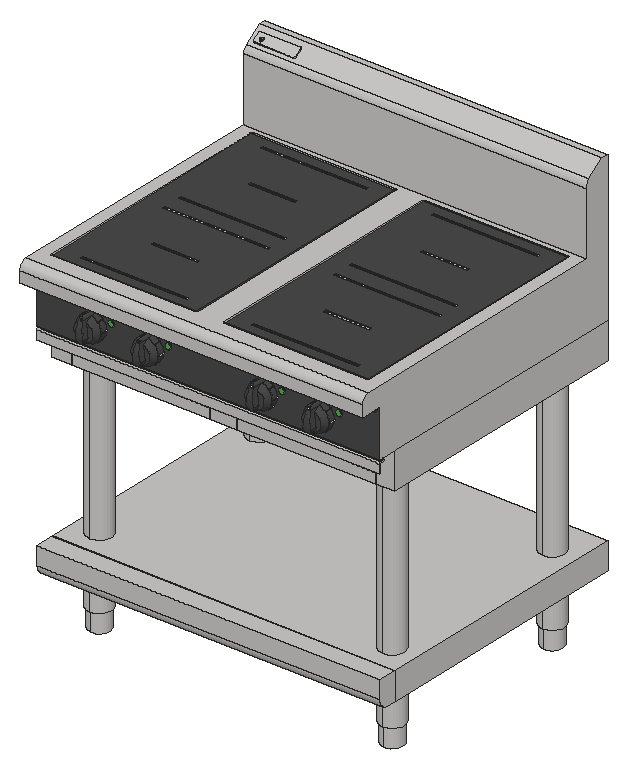
Revit family "QF_Moffat_INB8400R5-LS_Induction_Cooktop_cat", category Specialty Equipment, Revit 2019
Family settings
  Round Connector Dimension = Use Diameter
  Part Type = Normal
  Work Plane-Based = No
  Always vertical = Yes
  Cut with Voids When Loaded = No
  Shared = No
  Room Calculation Point = No
Parameters (values of type "INB8400R5-LS_415/60/3")
  Weight in Kilograms = 105
  Watts = 20000 W
  Volts = 415 V
  URL Cutsheet = ""
  Specification by User = ""
  Specification by Manufacturer = ""
  Show Logo [instance] = yes
  Serial Number = ""
  Seismic Rating = ""
  SMACNA No = ""
  Revision Code = ""
  Phase = 3
  Number of Poles = 1
  NAFEM Spec ID Number = ""
  Model = "INB8400R5-LS"
  Min Ckt Ampacity = 0 A
  Max Overcurrent Protection = 0 A
  Masterspec = ""
  Manufacturer = "Moffat"
  Length = 900 mm
  Item Number = ""
  Installed By = ""
  Identify Quantity as Lot = yes
  Height = 1130 mm
  HP = ""
  Furnished By = ""
  Foodservice Equipment Identifier = yes
  FL Amps = 28 A
  Electrical Remarks = ""
  Electric Connection Type = ""
  Elec Conn RI Height = 0 mm
  Elec Conn Connection Height = 0 mm
  Description = "Induction Cooktop"
  Depth = 805 mm
  Cycle = 60 Hz
  Conn Plug = ""
  Conn Conduit = yes
  CSI MasterFormat = ""
  Apparent Power = if(Phase = 3, Volts * FL Amps * 1.73, Volts * FL Amps)  # 20102.6 VA
Reference planes
  plane 1 "BACK": y = 0
  plane 2: z = 0
  plane 3 "LEFT": x = 0
  plane 4 "RIGHT": x = 900
  plane 5 "FRONT": y = -805
  plane 6 "TOP": z = 1130
  plane 7 "Center Y": x = 450
  plane 8 "Center X": y = -402.5
  plane 9: x = 65.5
  plane 10: x = 834.5
  plane 11: y = -30
  plane 12: z = 150
  plane 13: y = -100
  plane 14: y = -625
  plane 15: y = -70
  plane 16: z = 915
  plane 17: x = 770
Forms (mm)
  Extrusion 1, solid, material "QF_Metal_Stainless_Polished"
    sketch origin (0, 0, 560) x (0, 1, 0) y (0, 0, 1)
      loop
        line (0, 180) -> (0, 570) -> (-18.182, 570) -> (-60.863, 538.99)
        arc (-60.863, 538.99) -> (-67.584, 531.121) -> (-70, 521.058) r 22.165
        line (-70, 521.058) -> (-70, 355) -> (-784.417, 355)
        arc (-784.417, 355) -> (-798.971, 348.971) -> (-805, 334.417) r 20.583
        line (-805, 334.417) -> (-805, 305) -> (-749, 305) -> (-749, 180) -> (0, 180)
    from 0 to 900
  Extrusion 2, void
    sketch origin (0, -784.171, 915) x (0, 1, 0) y (-1, 0, 0)
      loop
        arc (699.341, -37.323) -> (697.584, -33.08) -> (693.341, -31.323) r 6
        line (693.341, -31.323) -> (45.245, -31.323)
        arc (45.245, -31.323) -> (41.002, -33.08) -> (39.245, -37.323) r 6
        line (39.245, -37.323) -> (39.245, -410.105)
        arc (39.245, -410.105) -> (41.002, -414.347) -> (45.245, -416.105) r 6
        line (45.245, -416.105) -> (693.341, -416.105)
        arc (693.341, -416.105) -> (697.584, -414.347) -> (699.341, -410.105) r 6
        line (699.341, -410.105) -> (699.341, -37.323)
      loop
        line (699.341, -862.677) -> (699.341, -489.895)
        arc (699.341, -489.895) -> (697.584, -485.653) -> (693.341, -483.895) r 6
        line (693.341, -483.895) -> (45.245, -483.895)
        arc (45.245, -483.895) -> (41.002, -485.653) -> (39.245, -489.895) r 6
        line (39.245, -489.895) -> (39.245, -862.677)
        arc (39.245, -862.677) -> (41.002, -866.92) -> (45.245, -868.677) r 6
        line (45.245, -868.677) -> (693.341, -868.677)
        arc (693.341, -868.677) -> (697.584, -866.92) -> (699.341, -862.677) r 6
    from 0 to -9.5
  Extrusion 3, solid, material "QF_Plastic_Black_Smooth"
    sketch origin (0, -784.171, 915) x (0, 1, 0) y (-1, 0, 0)
      loop
        line (695.341, -410.105) -> (695.341, -37.323)
        arc (695.341, -37.323) -> (694.755, -35.908) -> (693.341, -35.323) r 2
        line (693.341, -35.323) -> (45.245, -35.323)
        arc (45.245, -35.323) -> (43.831, -35.908) -> (43.245, -37.323) r 2
        line (43.245, -37.323) -> (43.245, -410.105)
        arc (43.245, -410.105) -> (43.831, -411.519) -> (45.245, -412.105) r 2
        line (45.245, -412.105) -> (693.341, -412.105)
        arc (693.341, -412.105) -> (694.755, -411.519) -> (695.341, -410.105) r 2
      loop
        line (667.194, -86.598) -> (661.194, -86.598) -> (661.194, -363.75) -> (667.194, -363.75) -> (667.194, -86.598)
      loop
        line (526.611, -163.924) -> (526.611, -283.924) -> (532.611, -283.924) -> (532.611, -163.924) -> (526.611, -163.924)
      loop
        line (398.444, -86.598) -> (392.444, -86.598) -> (392.444, -363.75) -> (398.444, -363.75) -> (398.444, -86.598)
      loop
        line (345.944, -86.598) -> (339.944, -86.598) -> (339.944, -363.75) -> (345.944, -363.75) -> (345.944, -86.598)
      loop
        line (206.611, -163.924) -> (206.611, -283.924) -> (212.611, -283.924) -> (212.611, -163.924) -> (206.611, -163.924)
      loop
        line (77.194, -86.598) -> (71.194, -86.598) -> (71.194, -363.75) -> (77.194, -363.75) -> (77.194, -86.598)
      loop
        arc (695.341, -489.895) -> (694.755, -488.481) -> (693.341, -487.895) r 2
        line (693.341, -487.895) -> (45.245, -487.895)
        arc (45.245, -487.895) -> (43.831, -488.481) -> (43.245, -489.895) r 2
        line (43.245, -489.895) -> (43.245, -862.677)
        arc (43.245, -862.677) -> (43.831, -864.092) -> (45.245, -864.677) r 2
        line (45.245, -864.677) -> (693.341, -864.677)
        arc (693.341, -864.677) -> (694.755, -864.092) -> (695.341, -862.677) r 2
        line (695.341, -862.677) -> (695.341, -489.895)
      loop
        line (667.194, -813.402) -> (667.194, -536.25) -> (661.194, -536.25) -> (661.194, -813.402) -> (667.194, -813.402)
      loop
        line (526.611, -736.076) -> (532.611, -736.076) -> (532.611, -616.076) -> (526.611, -616.076) -> (526.611, -736.076)
      loop
        line (398.444, -813.402) -> (398.444, -536.25) -> (392.444, -536.25) -> (392.444, -813.402) -> (398.444, -813.402)
      loop
        line (345.944, -813.402) -> (345.944, -536.25) -> (339.944, -536.25) -> (339.944, -813.402) -> (345.944, -813.402)
      loop
        line (206.611, -736.076) -> (212.611, -736.076) -> (212.611, -616.076) -> (206.611, -616.076) -> (206.611, -736.076)
      loop
        line (77.194, -813.402) -> (77.194, -536.25) -> (71.194, -536.25) -> (71.194, -813.402) -> (77.194, -813.402)
    from 0 to -9.5
  Extrusion 4, solid, material "QF_Metal_Stainless_Polished"
    sketch origin (0, 0, 600) x (0, 1, 0) y (0, 0, 1)
      loop
        line (-739.467, 140) -> (-738.192, 134.838)
        arc (-738.192, 134.838) -> (-738.307, 134.302) -> (-738.799, 134.063) r 0.625
        line (-738.799, 134.063) -> (-746.111, 134.063)
        arc (-746.111, 134.063) -> (-748.011, 133.276) -> (-748.797, 131.377) r 2.686
        line (-748.797, 131.377) -> (-748.797, 107.627) -> (-747.197, 107.627) -> (-747.197, 131.242)
        arc (-747.197, 131.242) -> (-746.84, 132.105) -> (-745.976, 132.463) r 1.221
        line (-745.976, 132.463) -> (-738.755, 132.463)
        arc (-738.755, 132.463) -> (-737.028, 133.304) -> (-736.625, 135.182) r 2.194
        line (-736.625, 135.182) -> (-737.815, 140) -> (-739.467, 140)
    from 0 to 900
  Extrusion 5, solid, material "QF_Plastic_Black_Smooth"
    sketch origin (0, -749, 741.875) x (0, 0, 1) y (-1, 0, 0)
      loop
        circle (112.843, -13.157) r 5
      loop
        circle (112.843, -886.843) r 5
    from 0 to 1.6
  Extrusion 6, solid, material "QF_Metal_Stainless_Polished"
    sketch origin (450, -699, 645) x (0, 1, 0) y (1, 0, 0)
      loop
        circle (669, 320) r 6.35
    from 0 to 10
  Extrusion 7, solid, material "QF_Metal_Stainless_Polished"
    sketch origin (0, -699, 645) x (1, 0, 0) y (0, -1, 0)
      loop
        line (0, -699) -> (900, -699) -> (900, 0) -> (849.2, 0) -> (849.2, -25.4) -> (485.8, -25.4) -> (485.8, 0) -> (414.2, 0) -> (414.2, -25.4) -> (50.8, -25.4) -> (50.8, 0) -> (0, 0) -> (0, -699)
    from 0 to -95
  Extrusion 8, solid, material "QF_Metal_Stainless_Polished"
    sketch origin (50.8, -30, 645) x (0, 1, 0) y (0, 0, 1)
      loop
        line (-669, 0) -> (-643.6, 0) -> (-643.6, 26.45) -> (-669, 26.45) -> (-669, 0)
      loop
        line (-669, 32.45) -> (-643.6, 32.45) -> (-643.6, 66.4) -> (-669, 66.4) -> (-669, 32.45)
      loop
        line (-669, 67.4) -> (-643.6, 67.4) -> (-643.6, 95) -> (-669, 95) -> (-669, 67.4)
    from 0 to 363.4
  Extrusion 9, solid, material "QF_Metal_Stainless_Polished"
    sketch origin (900, 0, 560) x (-1, 0, 0) y (0, -1, 0)
      loop
        line (536.25, 122.976) -> (536.25, 116.976) -> (813.402, 116.976) -> (813.402, 122.976) -> (536.25, 122.976)
      loop
        line (736.076, 251.56) -> (736.076, 257.56) -> (616.076, 257.56) -> (616.076, 251.56) -> (736.076, 251.56)
      loop
        line (813.402, 385.726) -> (813.402, 391.726) -> (536.25, 391.726) -> (536.25, 385.726) -> (813.402, 385.726)
      loop
        line (813.402, 438.226) -> (813.402, 444.226) -> (536.25, 444.226) -> (536.25, 438.226) -> (813.402, 438.226)
      loop
        line (736.076, 571.56) -> (736.076, 577.56) -> (616.076, 577.56) -> (616.076, 571.56) -> (736.076, 571.56)
      loop
        line (536.25, 712.976) -> (536.25, 706.976) -> (813.402, 706.976) -> (813.402, 712.976) -> (536.25, 712.976)
      loop
        line (363.75, 122.976) -> (86.598, 122.976) -> (86.598, 116.976) -> (363.75, 116.976) -> (363.75, 122.976)
      loop
        line (163.924, 251.56) -> (283.924, 251.56) -> (283.924, 257.56) -> (163.924, 257.56) -> (163.924, 251.56)
      loop
        line (86.598, 385.726) -> (363.75, 385.726) -> (363.75, 391.726) -> (86.598, 391.726) -> (86.598, 385.726)
      loop
        line (86.598, 438.226) -> (363.75, 438.226) -> (363.75, 444.226) -> (86.598, 444.226) -> (86.598, 438.226)
      loop
        line (163.924, 571.56) -> (283.924, 571.56) -> (283.924, 577.56) -> (163.924, 577.56) -> (163.924, 571.56)
      loop
        line (363.75, 712.976) -> (86.598, 712.976) -> (86.598, 706.976) -> (363.75, 706.976) -> (363.75, 712.976)
    from 355 to 345.5
  Extrusion 10, solid, material "QF_Paint_Green"
    sketch origin (63.231, -748.999, 713.75) x (0, 0, 1) y (-1, 0, 0)
      loop
        circle (100.3, -282.5) r 7.15
    from 0 to 1.6
  Extrusion 11, solid, material "QF_Plastic_Black_Smooth"
    sketch origin (75, -748.999, 725.625) x (0, 0, 1) y (-1, 0, 0)
      loop
        circle (112.843, -225) r 5
    from 0 to 1.6
  Extrusion 12, solid, material "QF_Paint_Green"
    sketch origin (-86.769, -748.999, 713.75) x (0, 0, 1) y (-1, 0, 0)
      loop
        circle (100.3, -282.5) r 7.15
    from 0 to 1.6
  Extrusion 13, solid, material "QF_Plastic_Black_Smooth"
    sketch origin (-75, -748.999, 725.625) x (0, 0, 1) y (-1, 0, 0)
      loop
        circle (112.843, -225) r 5
    from 0 to 1.6
  Extrusion 14, solid, material "QF_Paint_Green"
    sketch origin (511.981, -748.999, 713.75) x (0, 0, 1) y (-1, 0, 0)
      loop
        circle (100.3, -282.5) r 7.15
    from 0 to 1.6
  Extrusion 15, solid, material "QF_Plastic_Black_Smooth"
    sketch origin (523.75, -748.999, 725.625) x (0, 0, 1) y (-1, 0, 0)
      loop
        circle (112.843, -225) r 5
    from 0 to 1.6
  Extrusion 16, solid, material "QF_Paint_Green"
    sketch origin (361.981, -748.999, 713.75) x (0, 0, 1) y (-1, 0, 0)
      loop
        circle (100.3, -282.5) r 7.15
    from 0 to 1.6
  Extrusion 17, solid, material "QF_Plastic_Black_Smooth"
    sketch origin (373.75, -748.999, 725.625) x (0, 0, 1) y (-1, 0, 0)
      loop
        circle (112.843, -225) r 5
    from 0 to 1.6
  Extrusion 18, solid, material "QF_Metal_Stainless_Polished"
    sketch origin (849.2, -30, 645) x (0, 1, 0) y (0, 0, -1)
      loop
        line (-669, 0) -> (-669, -26.45) -> (-643.6, -26.45) -> (-643.6, 0) -> (-669, 0)
      loop
        line (-669, -32.45) -> (-669, -66.4) -> (-643.6, -66.4) -> (-643.6, -32.45) -> (-669, -32.45)
      loop
        line (-669, -67.4) -> (-669, -95) -> (-643.6, -95) -> (-643.6, -67.4) -> (-669, -67.4)
    from 0 to 363.4
Cuts and joins
  Extrusion 2 cuts Extrusion 1
Lines and regions (mm)
  symbolic lines
    curve 1: line (0, 0, 0) -> (900, 0, 0)
    curve 2: line (0, -805, 0) -> (0, 0, 0)
    curve 3: line (900, -805, 0) -> (0, -805, 0)
    curve 4: line (900, 0, 0) -> (900, -805, 0)
    curve 5: line (0, -18.182, 0) -> (900, -18.182, 0)
    curve 6: line (0, -70, 0) -> (450, -70, 0)
    curve 7: line (37.323, -84.83, 0) -> (410.105, -84.83, 0)
    curve 8: arc (410.105, -84.83, 0) -> (414.347, -86.587, 0) -> (416.105, -90.83, 0) r 6
    curve 9: line (416.105, -90.83, 0) -> (416.105, -738.926, 0)
    curve 10: arc (416.105, -738.926, 0) -> (414.347, -743.168, 0) -> (410.105, -744.926, 0) r 6
    curve 11: line (410.105, -744.926, 0) -> (37.323, -744.926, 0)
    curve 12: arc (37.323, -744.926, 0) -> (33.08, -743.168, 0) -> (31.323, -738.926, 0) r 6
    curve 13: line (31.323, -738.926, 0) -> (31.323, -90.83, 0)
    curve 14: arc (31.323, -90.83, 0) -> (33.08, -86.587, 0) -> (37.323, -84.83, 0) r 6
    curve 15: line (410.105, -88.83, 0) -> (37.323, -88.83, 0)
    curve 16: arc (37.323, -88.83, 0) -> (35.908, -89.415, 0) -> (35.323, -90.83, 0) r 2
    curve 17: line (35.323, -90.83, 0) -> (35.323, -738.926, 0)
    curve 18: arc (35.323, -738.926, 0) -> (35.908, -740.34, 0) -> (37.323, -740.926, 0) r 2
    curve 19: line (37.323, -740.926, 0) -> (410.105, -740.926, 0)
    curve 20: arc (410.105, -740.926, 0) -> (411.519, -740.34, 0) -> (412.105, -738.926, 0) r 2
    curve 21: line (412.105, -738.926, 0) -> (412.105, -90.83, 0)
    curve 22: arc (412.105, -90.83, 0) -> (411.519, -89.415, 0) -> (410.105, -88.83, 0) r 2
    curve 23: line (416.105, -738.926, 0) -> (416.105, -90.83, 0)
    curve 24: line (412.105, -90.83, 0) -> (412.105, -738.926, 0)
    curve 25: line (862.677, -84.83, 0) -> (489.895, -84.83, 0)
    curve 26: arc (489.895, -84.83, 0) -> (485.653, -86.587, 0) -> (483.895, -90.83, 0) r 6
    curve 27: arc (483.895, -738.926, 0) -> (485.653, -743.168, 0) -> (489.895, -744.926, 0) r 6
    curve 28: line (489.895, -744.926, 0) -> (862.677, -744.926, 0)
    curve 29: arc (862.677, -744.926, 0) -> (866.92, -743.168, 0) -> (868.677, -738.926, 0) r 6
    curve 30: line (868.677, -738.926, 0) -> (868.677, -90.83, 0)
    curve 31: arc (868.677, -90.83, 0) -> (866.92, -86.587, 0) -> (862.677, -84.83, 0) r 6
    curve 32: line (489.895, -88.83, 0) -> (862.677, -88.83, 0)
    curve 33: arc (862.677, -88.83, 0) -> (864.092, -89.415, 0) -> (864.677, -90.83, 0) r 2
    curve 34: line (864.677, -90.83, 0) -> (864.677, -738.926, 0)
    curve 35: arc (864.677, -738.926, 0) -> (864.092, -740.34, 0) -> (862.677, -740.926, 0) r 2
    curve 36: line (862.677, -740.926, 0) -> (489.895, -740.926, 0)
    curve 37: arc (489.895, -740.926, 0) -> (488.481, -740.34, 0) -> (487.895, -738.926, 0) r 2
    curve 38: arc (487.895, -90.83, 0) -> (488.481, -89.415, 0) -> (489.895, -88.83, 0) r 2
    curve 39: line (487.895, -90.83, 0) -> (487.895, -738.926, 0)
    curve 40: arc (487.895, -738.926, 0) -> (488.481, -740.34, 0) -> (489.895, -740.926, 0) r 2
    curve 41: line (489.895, -740.926, 0) -> (862.677, -740.926, 0)
    curve 42: arc (862.677, -740.926, 0) -> (864.092, -740.34, 0) -> (864.677, -738.926, 0) r 2
    curve 43: line (864.677, -738.926, 0) -> (864.677, -90.83, 0)
    curve 44: arc (864.677, -90.83, 0) -> (864.092, -89.415, 0) -> (862.677, -88.83, 0) r 2
    curve 45: line (862.677, -88.83, 0) -> (489.895, -88.83, 0)
    curve 46: arc (489.895, -88.83, 0) -> (488.481, -89.415, 0) -> (487.895, -90.83, 0) r 2
    curve 47: line (483.895, -90.83, 0) -> (483.895, -738.926, 0)
    curve 48: arc (483.895, -738.926, 0) -> (485.653, -743.168, 0) -> (489.895, -744.926, 0) r 6
    curve 49: line (489.895, -744.926, 0) -> (862.677, -744.926, 0)
    curve 50: arc (862.677, -744.926, 0) -> (866.92, -743.168, 0) -> (868.677, -738.926, 0) r 6
    curve 51: line (868.677, -738.926, 0) -> (868.677, -90.83, 0)
    curve 52: arc (868.677, -90.83, 0) -> (866.92, -86.587, 0) -> (862.677, -84.83, 0) r 6
    curve 53: line (862.677, -84.83, 0) -> (489.895, -84.83, 0)
    curve 54: arc (489.895, -84.83, 0) -> (485.653, -86.587, 0) -> (483.895, -90.83, 0) r 6
    curve 55: line (86.598, -122.976, 0) -> (363.75, -122.976, 0)
    curve 56: line (363.75, -122.976, 0) -> (363.75, -116.976, 0)
    curve 57: line (363.75, -116.976, 0) -> (86.598, -116.976, 0)
    curve 58: line (86.598, -116.976, 0) -> (86.598, -122.976, 0)
    curve 59: line (283.924, -251.56, 0) -> (163.924, -251.56, 0)
    curve 60: line (163.924, -251.56, 0) -> (163.924, -257.56, 0)
    curve 61: line (163.924, -257.56, 0) -> (283.924, -257.56, 0)
    curve 62: line (283.924, -257.56, 0) -> (283.924, -251.56, 0)
    curve 63: line (536.25, -122.976, 0) -> (813.402, -122.976, 0)
    curve 64: line (813.402, -122.976, 0) -> (813.402, -116.976, 0)
    curve 65: line (813.402, -116.976, 0) -> (536.25, -116.976, 0)
    curve 66: line (536.25, -116.976, 0) -> (536.25, -122.976, 0)
    curve 67: line (736.076, -251.56, 0) -> (616.076, -251.56, 0)
    curve 68: line (616.076, -251.56, 0) -> (616.076, -257.56, 0)
    curve 69: line (616.076, -257.56, 0) -> (736.076, -257.56, 0)
    curve 70: line (736.076, -257.56, 0) -> (736.076, -251.56, 0)
    curve 71: line (736.076, -571.56, 0) -> (616.076, -571.56, 0)
    curve 72: line (616.076, -571.56, 0) -> (616.076, -577.56, 0)
    curve 73: line (616.076, -577.56, 0) -> (736.076, -577.56, 0)
    curve 74: line (736.076, -577.56, 0) -> (736.076, -571.56, 0)
    curve 75: line (813.402, -706.976, 0) -> (536.25, -706.976, 0)
    curve 76: line (536.25, -706.976, 0) -> (536.25, -712.976, 0)
    curve 77: line (536.25, -712.976, 0) -> (813.402, -712.976, 0)
    curve 78: line (813.402, -712.976, 0) -> (813.402, -706.976, 0)
    curve 79: line (86.598, -712.976, 0) -> (363.75, -712.976, 0)
    curve 80: line (363.75, -712.976, 0) -> (363.75, -706.976, 0)
    curve 81: line (363.75, -706.976, 0) -> (86.598, -706.976, 0)
    curve 82: line (86.598, -706.976, 0) -> (86.598, -712.976, 0)
    curve 83: line (283.924, -577.56, 0) -> (163.924, -577.56, 0)
    curve 84: line (163.924, -577.56, 0) -> (163.924, -571.56, 0)
    curve 85: line (163.924, -571.56, 0) -> (283.924, -571.56, 0)
    curve 86: line (283.924, -571.56, 0) -> (283.924, -577.56, 0)
    curve 87: line (86.598, -444.226, 0) -> (363.75, -444.226, 0)
    curve 88: line (363.75, -444.226, 0) -> (363.75, -438.226, 0)
    curve 89: line (363.75, -438.226, 0) -> (86.598, -438.226, 0)
    curve 90: line (86.598, -438.226, 0) -> (86.598, -444.226, 0)
    curve 91: line (86.598, -391.726, 0) -> (363.75, -391.726, 0)
    curve 92: line (363.75, -391.726, 0) -> (363.75, -385.726, 0)
    curve 93: line (363.75, -385.726, 0) -> (86.598, -385.726, 0)
    curve 94: line (86.598, -385.726, 0) -> (86.598, -391.726, 0)
    curve 95: line (0, 0, 560) -> (900, 0, 560)
    curve 96: line (0, -805, 560) -> (0, 0, 560)
    curve 97: line (900, -805, 560) -> (0, -805, 560)
    curve 98: line (900, 0, 560) -> (900, -805, 560)
    curve 99: line (0, -18.182, 560) -> (900, -18.182, 560)
    curve 100: line (0, -70, 560) -> (900, -70, 560)
    curve 101: line (416.105, -90.83, 560) -> (416.105, -738.926, 560)
    curve 102: line (412.105, -738.926, 560) -> (412.105, -90.83, 560)
    curve 103: line (416.105, -738.926, 560) -> (416.105, -90.83, 560)
    curve 104: line (412.105, -90.83, 560) -> (412.105, -738.926, 560)
    curve 105: line (862.677, -84.83, 560) -> (489.895, -84.83, 560)
    curve 106: arc (483.895, -738.926, 560) -> (485.653, -743.168, 560) -> (489.895, -744.926, 560) r 6
    curve 107: line (489.895, -744.926, 560) -> (862.677, -744.926, 560)
    curve 108: arc (862.677, -744.926, 560) -> (866.92, -743.168, 560) -> (868.677, -738.926, 560) r 6
    curve 109: arc (864.677, -738.926, 560) -> (864.092, -740.34, 560) -> (862.677, -740.926, 560) r 2
    curve 110: line (862.677, -740.926, 560) -> (489.895, -740.926, 560)
    curve 111: arc (489.895, -740.926, 560) -> (488.481, -740.34, 560) -> (487.895, -738.926, 560) r 2
    curve 112: arc (487.895, -738.926, 560) -> (488.481, -740.34, 560) -> (489.895, -740.926, 560) r 2
    curve 113: line (489.895, -740.926, 560) -> (862.677, -740.926, 560)
    curve 114: arc (862.677, -740.926, 560) -> (864.092, -740.34, 560) -> (864.677, -738.926, 560) r 2
    curve 115: arc (483.895, -738.926, 560) -> (485.653, -743.168, 560) -> (489.895, -744.926, 560) r 6
    curve 116: line (489.895, -744.926, 560) -> (862.677, -744.926, 560)
    curve 117: arc (862.677, -744.926, 560) -> (866.92, -743.168, 560) -> (868.677, -738.926, 560) r 6
    curve 118: line (86.598, -122.976, 560) -> (363.75, -122.976, 560)
    curve 119: line (363.75, -122.976, 560) -> (363.75, -116.976, 560)
    curve 120: line (363.75, -116.976, 560) -> (86.598, -116.976, 560)
    curve 121: line (86.598, -116.976, 560) -> (86.598, -122.976, 560)
    curve 122: line (283.924, -251.56, 560) -> (163.924, -251.56, 560)
    curve 123: line (163.924, -251.56, 560) -> (163.924, -257.56, 560)
    curve 124: line (163.924, -257.56, 560) -> (283.924, -257.56, 560)
    curve 125: line (283.924, -257.56, 560) -> (283.924, -251.56, 560)
    curve 126: line (536.25, -122.976, 560) -> (813.402, -122.976, 560)
    curve 127: line (813.402, -122.976, 560) -> (813.402, -116.976, 560)
    curve 128: line (813.402, -116.976, 560) -> (536.25, -116.976, 560)
    curve 129: line (536.25, -116.976, 560) -> (536.25, -122.976, 560)
    curve 130: line (736.076, -251.56, 560) -> (616.076, -251.56, 560)
    curve 131: line (616.076, -251.56, 560) -> (616.076, -257.56, 560)
    curve 132: line (616.076, -257.56, 560) -> (736.076, -257.56, 560)
    curve 133: line (736.076, -257.56, 560) -> (736.076, -251.56, 560)
    curve 134: line (736.076, -571.56, 560) -> (616.076, -571.56, 560)
    curve 135: line (616.076, -571.56, 560) -> (616.076, -577.56, 560)
    curve 136: line (616.076, -577.56, 560) -> (736.076, -577.56, 560)
    curve 137: line (736.076, -577.56, 560) -> (736.076, -571.56, 560)
    curve 138: line (813.402, -706.976, 560) -> (536.25, -706.976, 560)
    curve 139: line (536.25, -706.976, 560) -> (536.25, -712.976, 560)
    curve 140: line (536.25, -712.976, 560) -> (813.402, -712.976, 560)
    curve 141: line (813.402, -712.976, 560) -> (813.402, -706.976, 560)
    curve 142: line (86.598, -712.976, 560) -> (363.75, -712.976, 560)
    curve 143: line (363.75, -712.976, 560) -> (363.75, -706.976, 560)
    curve 144: line (363.75, -706.976, 560) -> (86.598, -706.976, 560)
    curve 145: line (86.598, -706.976, 560) -> (86.598, -712.976, 560)
    curve 146: line (283.924, -577.56, 560) -> (163.924, -577.56, 560)
    curve 147: line (163.924, -577.56, 560) -> (163.924, -571.56, 560)
    curve 148: line (163.924, -571.56, 560) -> (283.924, -571.56, 560)
    curve 149: line (283.924, -571.56, 560) -> (283.924, -577.56, 560)
    curve 150: line (86.598, -444.226, 560) -> (363.75, -444.226, 560)
    curve 151: line (363.75, -444.226, 560) -> (363.75, -438.226, 560)
    curve 152: line (363.75, -438.226, 560) -> (86.598, -438.226, 560)
    curve 153: line (86.598, -438.226, 560) -> (86.598, -444.226, 560)
    curve 154: line (86.598, -391.726, 560) -> (363.75, -391.726, 560)
    curve 155: line (363.75, -391.726, 560) -> (363.75, -385.726, 560)
    curve 156: line (363.75, -385.726, 560) -> (86.598, -385.726, 560)
    curve 157: line (86.598, -385.726, 560) -> (86.598, -391.726, 560)
    curve 158: line (536.25, -391.726, 560) -> (813.402, -391.726, 560)
    curve 159: line (813.402, -391.726, 560) -> (813.402, -385.726, 560)
    curve 160: line (813.402, -385.726, 560) -> (536.25, -385.726, 560)
    curve 161: line (536.25, -385.726, 560) -> (536.25, -391.726, 560)
    curve 162: line (536.25, -444.226, 560) -> (813.402, -444.226, 560)
    curve 163: line (813.402, -444.226, 560) -> (813.402, -438.226, 560)
    curve 164: line (813.402, -438.226, 560) -> (536.25, -438.226, 560)
    curve 165: line (536.25, -438.226, 560) -> (536.25, -444.226, 560)
Dimensions and locks
  equal spacing: plane 3 "LEFT", plane 7 "Center Y", plane 4 "RIGHT"
  "Length": plane 3 "LEFT" to plane 4 "RIGHT"
  equal spacing: plane 5 "FRONT", plane 8 "Center X", plane 1 "BACK"
  "Depth": plane 5 "FRONT" to plane 1 "BACK"
  "Height": plane 6 "TOP" to level
  plane 9 to plane 10 = 769 mm
  plane 4 "RIGHT" to plane 3 "LEFT" = 900 mm
  plane 6 "TOP" to plane 2 = 1130 mm
  plane 1 "BACK" to plane 11 = 30 mm
  plane 1 "BACK" to plane 13 to plane 14 = 100 mm, 525 mm
  plane 1 "BACK" to plane 15 = 70 mm
  plane 16 to level = 915 mm  (x2)
  level to plane 12 = 150 mm
  plane 12 to level = 150 mm
  plane 4 "RIGHT" to plane 17 = 130 mm
  plane 1 "BACK" to plane 5 "FRONT" = 805 mm
  locked: plane 10 to plane 4 "RIGHT" at 65.5
  aligned and locked: level to plane 2
  aligned and locked: plane 7 "Center Y" to nested 1
  aligned and locked: plane 8 "Center X" to nested 1
  aligned and locked: Extrusion 18 to Extrusion 7  (x2)
Automatic sketch dimensions
  Extrusion 1 sketch curve to plane 5 "FRONT" = 0 mm
  Extrusion 1 sketch curve to plane 16 = 0 mm
  Extrusion 1 sketch curve to plane 15 = 0 mm
  Extrusion 1 sketch curve to plane 6 "TOP" = 0 mm
  Extrusion 1 sketch curve to plane 1 "BACK" = 0 mm
  Extrusion 1 sketch curve to plane 5 "FRONT" = 20.583 mm
  Extrusion 1 sketch curve to plane 5 "FRONT" = 56 mm
  Extrusion 1 sketch curve to plane 15 = 9.137 mm
  plane 11 to Extrusion 1 sketch curve = 17.835 mm
  Extrusion 1 sketch curve to plane 11 = 11.818 mm
  Extrusion 1 sketch curve to Extrusion 1 sketch curve = 29.417 mm
  Extrusion 1 sketch curve to plane 16 = 175 mm
  Extrusion 1 sketch curve to plane 6 "TOP" = 48.942 mm
  Extrusion 2 sketch curve to Extrusion 1 = 39.492 mm  (x2)
  Extrusion 2 sketch curve to Extrusion 2 sketch curve = 6 mm  (x6)
  Extrusion 1 to Extrusion 2 sketch curve = 20.83 mm  (x4)
  Extrusion 1 to Extrusion 2 sketch curve = 31.323 mm
  Extrusion 2 sketch curve to Extrusion 2 sketch curve = 372.782 mm
  Extrusion 2 sketch curve to Extrusion 2 sketch curve = 67.791 mm
  Extrusion 1 to Extrusion 2 sketch curve = 37.323 mm
  Extrusion 4 sketch curve to plane 5 "FRONT" = 56.203 mm
  Extrusion 4 sketch curve to Extrusion 4 sketch curve = 1.6 mm
  Extrusion 4 sketch curve to Extrusion 4 sketch curve = 1.086 mm
  Extrusion 4 sketch curve to Extrusion 4 sketch curve = 0.135 mm  (x2)
  Extrusion 4 sketch curve to Extrusion 4 sketch curve = 6.644 mm
  Extrusion 4 sketch curve to Extrusion 4 sketch curve = 0.668 mm
  Extrusion 4 sketch curve to Extrusion 4 sketch curve = 0.044 mm
  Extrusion 4 sketch curve to Extrusion 4 sketch curve = 0.563 mm
  Extrusion 4 sketch curve to Extrusion 4 sketch curve = 1.652 mm
  Extrusion 4 sketch curve to Extrusion 4 sketch curve = 1.567 mm
  Extrusion 4 sketch curve to plane 16 = 207.373 mm
  Extrusion 4 sketch curve to Extrusion 4 sketch curve = 23.614 mm
  Extrusion 4 sketch curve to Extrusion 4 sketch curve = 0.594 mm
  Extrusion 4 sketch curve to Extrusion 4 sketch curve = 0.032 mm
  Extrusion 4 sketch curve to Extrusion 4 sketch curve = 5.162 mm
  Extrusion 1 to Extrusion 5 sketch curve = 10.282 mm  (x2)
  Extrusion 1 to Extrusion 5 sketch curve = 13.157 mm  (x2)
  Extrusion 12 sketch curve to plane 16 = 100.95 mm
  Extrusion 12 sketch curve to plane 9 = 130.231 mm
  Extrusion 13 sketch curve to plane 16 = 76.532 mm
  Extrusion 13 sketch curve to plane 9 = 84.5 mm
  plane 17 to Extrusion 14 sketch curve = 24.481 mm
  Extrusion 14 sketch curve to plane 16 = 100.95 mm
  Extrusion 15 sketch curve to plane 17 = 21.25 mm
  Extrusion 15 sketch curve to plane 16 = 76.532 mm
  Extrusion 16 sketch curve to plane 16 = 100.95 mm
  Extrusion 16 sketch curve to plane 17 = 125.519 mm
  plane 14 to Extrusion 18 sketch curve = 74 mm
  Extrusion 18 sketch curve to Extrusion 18 sketch curve = 0 mm  (x4)
  Extrusion 18 sketch curve to Extrusion 18 sketch curve = 25.4 mm
  Extrusion 18 sketch curve to plane 16 = 175 mm
  Extrusion 18 sketch curve to Extrusion 18 sketch curve = 27.6 mm
  Extrusion 18 sketch curve to Extrusion 18 sketch curve = 1 mm
  Extrusion 18 sketch curve to Extrusion 18 sketch curve = 33.95 mm
  Extrusion 18 sketch curve to Extrusion 18 sketch curve = 6 mm
  Extrusion 18 sketch curve to Extrusion 18 sketch curve = 26.45 mm
  Extrusion 3 sketch curve to Extrusion 1 = 43.492 mm  (x2)
  Extrusion 3 sketch curve to Extrusion 3 sketch curve = 2 mm  (x6)
  Extrusion 3 sketch curve to Extrusion 3 sketch curve = 25.949 mm  (x2)
  Extrusion 3 sketch curve to Extrusion 3 sketch curve = 6 mm  (x12)
  Extrusion 3 sketch curve to Extrusion 3 sketch curve = 129.416 mm  (x2)
  Extrusion 3 sketch curve to Extrusion 3 sketch curve = 127.334 mm  (x2)
  Extrusion 3 sketch curve to Extrusion 3 sketch curve = 46.5 mm  (x2)
  Extrusion 3 sketch curve to Extrusion 3 sketch curve = 128.166 mm  (x2)
  Extrusion 1 to Extrusion 3 sketch curve = 52.976 mm  (x2)
  Extrusion 1 to Extrusion 3 sketch curve = 20.83 mm  (x4)
  Extrusion 1 to Extrusion 3 sketch curve = 35.323 mm
  Extrusion 3 sketch curve to Extrusion 3 sketch curve = 49.275 mm  (x2)
  Extrusion 1 to Extrusion 3 sketch curve = 86.598 mm  (x4)
  Extrusion 3 sketch curve to Extrusion 3 sketch curve = 0 mm  (x4)
  Extrusion 3 sketch curve to Extrusion 3 sketch curve = 77.326 mm  (x2)
  Extrusion 3 sketch curve to Extrusion 3 sketch curve = 120 mm  (x4)
  Extrusion 3 sketch curve to Extrusion 3 sketch curve = 79.826 mm  (x5)
  Extrusion 3 sketch curve to Extrusion 3 sketch curve = 46.355 mm  (x3)
  Extrusion 3 sketch curve to Extrusion 3 sketch curve = 75.791 mm
  Extrusion 3 sketch curve to Extrusion 3 sketch curve = 172.5 mm
  Extrusion 1 to Extrusion 3 sketch curve = 37.323 mm
  curve 8 to curve 22 = 0 mm  (x2)
  curve 10 to curve 20 = 0 mm  (x2)
  curve 12 to curve 18 = 0 mm  (x2)
  curve 14 to curve 16 = 0 mm  (x2)
  curve 26 to curve 38 = 0 mm  (x2)
  curve 26 to curve 46 = 0 mm  (x2)
  curve 26 to curve 54 = 0 mm  (x2)
  curve 27 to curve 37 = 0 mm  (x2)
  curve 27 to curve 40 = 0 mm  (x2)
  curve 27 to curve 48 = 0 mm  (x2)
  curve 29 to curve 35 = 0 mm  (x2)
  curve 29 to curve 42 = 0 mm  (x2)
  curve 29 to curve 50 = 0 mm  (x2)
  curve 31 to curve 33 = 0 mm  (x2)
  curve 31 to curve 44 = 0 mm  (x2)
  curve 31 to curve 52 = 0 mm  (x2)
  curve 33 to curve 44 = 0 mm  (x2)
  curve 33 to curve 52 = 0 mm  (x2)
  curve 35 to curve 42 = 0 mm  (x2)
  curve 35 to curve 50 = 0 mm  (x2)
  curve 37 to curve 40 = 0 mm  (x2)
  curve 37 to curve 48 = 0 mm  (x2)
  curve 38 to curve 46 = 0 mm  (x2)
  curve 38 to curve 54 = 0 mm  (x2)
  curve 40 to curve 48 = 0 mm  (x2)
  curve 42 to curve 50 = 0 mm  (x2)
  curve 44 to curve 52 = 0 mm  (x2)
  curve 46 to curve 54 = 0 mm  (x2)
  plane 1 "BACK" to curve 1 = 0 mm
  curve 1 to plane 3 "LEFT" = 0 mm
  curve 6 to plane 7 "Center Y" = 0 mm
  curve 5 to plane 4 "RIGHT" = 0 mm
  plane 5 "FRONT" to curve 3 = 0 mm
  plane 15 to curve 6 = 0 mm
  plane 3 "LEFT" to curve 13 = 31.323 mm
  curve 13 to curve 17 = 4 mm
  curve 17 to curve 16 = 2 mm
  curve 17 to curve 18 = 2 mm
  curve 94 to plane 9 = 21.098 mm
  curve 57 to plane 9 = 21.098 mm
  curve 79 to plane 9 = 21.098 mm
  curve 87 to plane 9 = 21.098 mm
  curve 83 to plane 14 = 47.44 mm
  curve 83 to plane 9 = 98.424 mm
  curve 59 to plane 9 = 98.424 mm
  curve 60 to curve 61 = 120 mm
  curve 85 to plane 14 = 53.44 mm
  curve 84 to curve 85 = 120 mm
  curve 79 to plane 7 "Center Y" = 86.25 mm
  curve 88 to plane 8 "Center X" = 41.726 mm
  curve 88 to plane 7 "Center Y" = 86.25 mm
  plane 13 to curve 57 = 16.976 mm
  curve 57 to plane 7 "Center Y" = 86.25 mm
  plane 8 "Center X" to curve 93 = 16.774 mm
  curve 93 to curve 88 = 0 mm
  curve 10 to plane 7 "Center Y" = 39.895 mm
  curve 22 to plane 13 = 9.17 mm
  curve 22 to plane 7 "Center Y" = 39.895 mm
  curve 10 to curve 21 = 2 mm
  plane 7 "Center Y" to curve 47 = 33.895 mm
  curve 54 to curve 39 = 4 mm
  curve 38 to curve 45 = 2 mm
  curve 37 to curve 40 = 2 mm
  curve 27 to curve 77 = 46.355 mm
  plane 13 to curve 65 = 16.976 mm
  curve 38 to curve 65 = 46.355 mm
  curve 72 to plane 14 = 53.44 mm
  curve 72 to plane 17 = 153.924 mm
  curve 63 to curve 68 = 79.826 mm
  curve 70 to plane 17 = 33.924 mm
  curve 73 to plane 17 = 33.924 mm
  plane 10 to curve 65 = 21.098 mm
  plane 10 to curve 78 = 21.098 mm
  curve 33 to plane 13 = 9.17 mm
  curve 33 to plane 10 = 28.177 mm
  curve 50 to plane 10 = 28.177 mm
  curve 31 to curve 34 = 2 mm
  curve 28 to plane 5 "FRONT" = 60.074 mm
  curve 11 to plane 5 "FRONT" = 60.074 mm
  curve 29 to curve 77 = 25.949 mm
  curve 10 to curve 80 = 25.949 mm
  curve 79 to curve 82 = 6 mm
  curve 77 to curve 75 = 6 mm
  curve 73 to curve 71 = 6 mm
  curve 87 to curve 90 = 6 mm
  curve 92 to curve 92 = 6 mm
  plane 8 "Center X" to curve 68 = 144.94 mm
  plane 8 "Center X" to curve 61 = 144.94 mm
  curve 69 to curve 67 = 6 mm
  curve 61 to curve 62 = 6 mm
  curve 64 to curve 64 = 6 mm
  curve 55 to curve 57 = 6 mm
  curve 5 to plane 11 = 11.818 mm
  plane 8 "Center X" to curve 158 = 10.774 mm
  plane 7 "Center Y" to curve 158 = 86.25 mm
  curve 165 to curve 158 = 0 mm
  plane 10 to curve 159 = 21.098 mm
  plane 10 to curve 162 = 21.098 mm
  curve 163 to plane 8 "Center X" = 35.726 mm
  curve 165 to curve 164 = 6 mm
  curve 158 to curve 161 = 6 mm
  Extrusion 7 to Extrusion 6 sketch curve = 30 mm
  Extrusion 6 sketch curve to Extrusion 7 = 79.2 mm
  Extrusion 7 sketch curve to plane 3 "LEFT" = 0 mm
  Extrusion 7 sketch curve to plane 4 "RIGHT" = 0 mm
  plane 1 "BACK" to Extrusion 7 sketch curve = 0 mm
  plane 9 to Extrusion 7 sketch curve = 14.7 mm
  Extrusion 7 sketch curve to plane 7 "Center Y" = 35.8 mm
  plane 7 "Center Y" to Extrusion 7 sketch curve = 35.8 mm
  Extrusion 7 sketch curve to plane 10 = 14.7 mm
  plane 14 to Extrusion 7 sketch curve = 48.6 mm  (x2)
  Extrusion 7 sketch curve to Extrusion 7 sketch curve = 25.4 mm  (x3)
  Extrusion 8 sketch curve to Extrusion 7 = 0 mm  (x8)
  Extrusion 7 to Extrusion 8 sketch curve = 26.45 mm
  Extrusion 8 sketch curve to Extrusion 8 sketch curve = 6 mm
  Extrusion 7 to Extrusion 8 sketch curve = 28.6 mm
  Extrusion 8 sketch curve to Extrusion 8 sketch curve = 1 mm
  Extrusion 9 sketch curve to plane 10 = 21.098 mm  (x4)
  plane 17 to Extrusion 9 sketch curve = 33.924 mm  (x2)
  plane 14 to Extrusion 9 sketch curve = 47.44 mm
  Extrusion 9 sketch curve to Extrusion 9 sketch curve = 120 mm  (x2)
  plane 8 "Center X" to Extrusion 9 sketch curve = 41.726 mm  (x2)
  Extrusion 9 sketch curve to plane 7 "Center Y" = 86.25 mm  (x3)
  Extrusion 9 sketch curve to plane 8 "Center X" = 16.774 mm  (x2)
  Extrusion 9 sketch curve to Extrusion 9 sketch curve = 0 mm  (x2)
  Extrusion 9 sketch curve to plane 13 = 22.976 mm
  plane 7 "Center Y" to Extrusion 9 sketch curve = 86.25 mm  (x3)
  Extrusion 9 sketch curve to plane 13 = 16.976 mm
  plane 14 to Extrusion 9 sketch curve = 53.44 mm
  Extrusion 9 sketch curve to Extrusion 9 sketch curve = 79.826 mm  (x2)
  plane 9 to Extrusion 9 sketch curve = 98.424 mm  (x2)
  plane 9 to Extrusion 9 sketch curve = 21.098 mm  (x4)
  Extrusion 9 sketch curve to plane 14 = 81.976 mm  (x2)
  Extrusion 9 sketch curve to Extrusion 9 sketch curve = 6 mm  (x12)
  Extrusion 9 sketch curve to plane 8 "Center X" = 144.94 mm  (x2)
  Extrusion 10 sketch curve to plane 16 = 100.95 mm
  Extrusion 10 sketch curve to plane 7 "Center Y" = 104.269 mm
  Extrusion 11 sketch curve to plane 16 = 76.532 mm
  Extrusion 11 sketch curve to plane 7 "Center Y" = 150 mm
  Extrusion 17 sketch curve to plane 16 = 76.532 mm
  plane 7 "Center Y" to Extrusion 17 sketch curve = 148.75 mm
  curve 106 to curve 111 = 0 mm  (x2)
  curve 106 to curve 112 = 0 mm  (x2)
  curve 106 to curve 115 = 0 mm  (x2)
  curve 108 to curve 109 = 0 mm  (x2)
  curve 108 to curve 114 = 0 mm  (x2)
  curve 108 to curve 117 = 0 mm  (x2)
  curve 109 to curve 114 = 0 mm  (x2)
  curve 109 to curve 117 = 0 mm  (x2)
  curve 111 to curve 112 = 0 mm  (x2)
  curve 111 to curve 115 = 0 mm  (x2)
  curve 112 to curve 115 = 0 mm  (x2)
  curve 114 to curve 117 = 0 mm  (x2)
  plane 1 "BACK" to curve 95 = 0 mm
  curve 95 to plane 3 "LEFT" = 0 mm
  curve 98 to plane 4 "RIGHT" = 0 mm
  plane 5 "FRONT" to curve 97 = 0 mm
  plane 15 to curve 100 = 0 mm
  curve 153 to plane 9 = 21.098 mm
  curve 157 to plane 9 = 21.098 mm
  curve 145 to plane 9 = 21.098 mm
  curve 121 to plane 9 = 21.098 mm
  curve 148 to plane 9 = 98.424 mm
  curve 124 to plane 9 = 98.424 mm
  curve 123 to curve 125 = 120 mm
  curve 146 to plane 14 = 47.44 mm
  curve 146 to curve 146 = 120 mm
  plane 13 to curve 120 = 16.976 mm
  curve 120 to plane 7 "Center Y" = 86.25 mm
  curve 142 to plane 7 "Center Y" = 86.25 mm
  curve 152 to plane 8 "Center X" = 35.726 mm
  curve 152 to plane 7 "Center Y" = 86.25 mm
  plane 8 "Center X" to curve 154 = 10.774 mm
  curve 154 to curve 151 = 0 mm
  curve 104 to plane 7 "Center Y" = 37.895 mm
  curve 102 to curve 101 = 4 mm
  plane 7 "Center Y" to curve 107 = 39.895 mm
  plane 13 to curve 129 = 22.976 mm
  plane 7 "Center Y" to curve 129 = 86.25 mm
  curve 106 to curve 138 = 46.355 mm
  curve 135 to plane 14 = 53.44 mm
  curve 135 to plane 17 = 153.924 mm
  curve 126 to curve 130 = 79.826 mm
  curve 137 to plane 17 = 33.924 mm
  curve 133 to plane 17 = 33.924 mm
  plane 10 to curve 141 = 21.098 mm
  plane 10 to curve 128 = 21.098 mm
  curve 109 to plane 10 = 28.177 mm
  curve 116 to plane 5 "FRONT" = 60.074 mm
  curve 106 to curve 110 = 4 mm
  curve 110 to curve 117 = 2 mm
  curve 110 to curve 106 = 2 mm
  curve 104 to plane 5 "FRONT" = 66.074 mm
  curve 102 to curve 103 = 0 mm  (x2)
  curve 108 to curve 140 = 25.949 mm
  curve 102 to curve 143 = 25.949 mm
  curve 139 to curve 138 = 6 mm
  curve 142 to curve 144 = 6 mm
  curve 136 to curve 134 = 6 mm
  curve 146 to curve 148 = 6 mm
  curve 151 to curve 151 = 6 mm
  curve 154 to curve 157 = 6 mm
  plane 8 "Center X" to curve 132 = 144.94 mm
  plane 8 "Center X" to curve 125 = 144.94 mm
  curve 132 to curve 133 = 6 mm
  curve 124 to curve 122 = 6 mm
  curve 121 to curve 120 = 6 mm
  curve 126 to curve 128 = 6 mm
  curve 102 to plane 13 = 9.17 mm
  plane 15 to curve 105 = 14.83 mm
  plane 7 "Center Y" to curve 105 = 39.895 mm
  curve 105 to plane 10 = 28.177 mm
  curve 99 to plane 11 = 11.818 mm
  radius of Extrusion 5 sketch curve = 5 mm  (x2)
  radius of Extrusion 12 sketch curve = 7.15 mm
  radius of Extrusion 13 sketch curve = 5 mm
  radius of Extrusion 14 sketch curve = 7.15 mm
  radius of Extrusion 15 sketch curve = 5 mm
  radius of Extrusion 16 sketch curve = 7.15 mm
  radius of Extrusion 6 sketch curve = 6.35 mm
  radius of Extrusion 10 sketch curve = 7.15 mm
  radius of Extrusion 11 sketch curve = 5 mm
  radius of Extrusion 17 sketch curve = 5 mm
Nested families
  nested 1: "IN8400-LS_Leg Stand" at (0, 0, 0), type "IN511F-LS"
  nested 2: "QF_LOGO_Waldorf" at (12, -52.35, 1105.175), visible <- "Show Logo", type "QF_LOGO_Waldorf"
  nested 3: "Knob" at (267.5, -739.499, 760.75), type "Knob"
  nested 4: "Knob" at (117.5, -739.499, 760.75), type "Knob"
  nested 5: "Knob" at (716.25, -739.499, 760.75), type "Knob"
  nested 6: "Knob" at (566.25, -739.499, 760.75), type "Knob"
Connectors
  electrical at (770, -30, 635), driven by "Volts", driven by "Watts"
    settings: on Extrusion 6, index 5, voltage 415 V, apparent load 20000 VA, apparent load phase1 0 VA, apparent load phase2 0 VA, apparent load phase3 0 VA, power factor 1, load classification "Other", number of poles 1, system type 30, power factor state 1, is connector primary yes, connector utility no, sub classification motor no, connector description "ELEECTRICAL CONNECTION"
Definition of nested family "IN8400-LS_Leg Stand"
  Parameters (values of type "IN511F-LS")
    Model = ""
    Manufacturer = ""
    Description = ""
  Reference planes
    plane 1 "BACK": y = 0
    plane 2: z = 0
    plane 3 "LEFT": x = 0
    plane 4 "RIGHT": x = 900
    plane 5 "FRONT": y = -805
    plane 6 "TOP": z = 1130
    plane 7 "Center Y": x = 450
    plane 8 "Center X": y = -402.5
    plane 9: x = 65.5
    plane 10: x = 834.5
    plane 11: z = 635
    plane 12: y = -100
    plane 13: y = -625
    plane 14: z = 150
    plane 15: z = 645
  Forms (mm)
    Revolve 1, solid
      sketch origin (65.5, -4572, 255.2) x (0, 0, -1) y (0, -1, 0)
        loop
          line (255.2, -3974.5) -> (255.2, -3947) -> (-389.8, -3947) -> (-389.8, -3978.75) -> (205.2, -3978.75) -> (205.2, -3974.5) -> (255.2, -3974.5)
        axis (-389.8, -3947) -> (255.2, -3947)
      angle from 0 to 360
    Revolve 2, solid
      sketch origin (834.5, -4572, 255.2) x (0, 0, -1) y (0, 1, 0)
        loop
          line (255.2, 3974.5) -> (205.2, 3974.5) -> (205.2, 3978.75) -> (-389.8, 3978.75) -> (-389.8, 3947) -> (255.2, 3947) -> (255.2, 3974.5)
        axis (-389.8, 3947) -> (255.2, 3947)
      angle from 0 to 360
    Extrusion 3, solid
      sketch origin (0, 0, 0) x (0, 1, 0) y (0, 0, 1)
        loop
          line (-747.95, 222.5) -> (-747.95, 175)
          arc (-747.95, 175) -> (-740.628, 157.322) -> (-722.95, 150) r 25
          line (-722.95, 150) -> (-697.95, 150) -> (-697.95, 222.5) -> (-747.95, 222.5)
      from 0 to 900
    Extrusion 4, solid
      sketch origin (0, 0, 0) x (0, 1, 0) y (0, 0, 1)
        loop
          line (-697.95, 222.5) -> (-697.95, 150) -> (0, 150) -> (0, 222.5) -> (-697.95, 222.5)
      from 0 to 900
    Revolve 5, solid
      sketch origin (65.5, -4047, 255.2) x (0, 0, -1) y (0, -1, 0)
        loop
          line (255.2, -3974.5) -> (255.2, -3947) -> (-389.8, -3947) -> (-389.8, -3978.75) -> (205.2, -3978.75) -> (205.2, -3974.5) -> (255.2, -3974.5)
        axis (-389.8, -3947) -> (255.2, -3947)
      angle from 0 to 360
    Revolve 6, solid
      sketch origin (834.5, -4047, 255.2) x (0, 0, -1) y (0, 1, 0)
        loop
          line (255.2, 3974.5) -> (205.2, 3974.5) -> (205.2, 3978.75) -> (-389.8, 3978.75) -> (-389.8, 3947) -> (255.2, 3947) -> (255.2, 3974.5)
        axis (-389.8, 3947) -> (255.2, 3947)
      angle from 0 to 360
  Cuts and joins
    joined: Revolve 1, Revolve 2, Extrusion 4, Revolve 5, Revolve 6
  Dimensions and locks
    equal spacing: plane 3 "LEFT", plane 7 "Center Y", plane 4 "RIGHT"
    plane 3 "LEFT" to plane 4 "RIGHT" = 900 mm
    equal spacing: plane 5 "FRONT", plane 8 "Center X", plane 1 "BACK"
    plane 5 "FRONT" to plane 1 "BACK" = 805 mm
    plane 6 "TOP" to level = 1130 mm
    plane 9 to plane 10 = 769 mm
    plane 4 "RIGHT" to plane 3 "LEFT" = 900 mm
    plane 1 "BACK" to plane 5 "FRONT" = 805 mm
    plane 6 "TOP" to plane 2 = 1130 mm
    plane 1 "BACK" to plane 12 to plane 13 = 100 mm, 525 mm
    plane 2 to plane 11 = 635 mm
    plane 14 to plane 2 = 150 mm
    plane 10 to plane 4 "RIGHT" = 65.5 mm
    equal spacing: plane 4 "RIGHT", plane 7 "Center Y", plane 3 "LEFT"
    locked: plane 10 to plane 4 "RIGHT" at 65.5
    aligned and locked: level to plane 2
    aligned and locked: cut or joined group of Revolve 1, Revolve 2, Extrusion 4, Revolve 5, Revolve 6 to plane 15  (x2)
    aligned and locked: plane 15 to cut or joined group of Revolve 1, Revolve 2, Extrusion 4, Revolve 5, Revolve 6  (x2)
    aligned and locked: Extrusion 3 to plane 4 "RIGHT"
    aligned and locked: cut or joined group of Revolve 1, Revolve 2, Extrusion 4, Revolve 5, Revolve 6 to plane 4 "RIGHT"
    aligned and locked: plane 10 to cut or joined group of Revolve 1, Revolve 2, Extrusion 4, Revolve 5, Revolve 6  (x2)
  Automatic sketch dimensions
    Revolve 1 sketch curve to plane 13 = 0 mm  (x2)
    Revolve 1 sketch curve to level = 0 mm  (x2)
    level to Revolve 1 sketch curve = 50 mm
    Revolve 1 sketch curve to plane 11 = 10 mm
    Revolve 1 sketch curve to Revolve 1 sketch curve = 27.5 mm
    Revolve 1 sketch curve to Revolve 1 sketch curve = 31.75 mm
    Revolve 1 sketch curve to Revolve 1 sketch curve = 25 mm
    Revolve 2 sketch curve to plane 13 = 0 mm  (x2)
    Revolve 2 sketch curve to level = 0 mm  (x2)
    level to Revolve 2 sketch curve = 50 mm
    Revolve 2 sketch curve to plane 11 = 10 mm
    Revolve 2 sketch curve to plane 13 = 27.5 mm
    Revolve 2 sketch curve to Revolve 2 sketch curve = 4.25 mm
    Revolve 2 sketch curve to Revolve 2 sketch curve = 25 mm
    Extrusion 3 sketch curve to plane 14 = 0 mm
    Extrusion 3 sketch curve to plane 5 "FRONT" = 57.05 mm
    Extrusion 3 sketch curve to Extrusion 3 sketch curve = 25 mm  (x2)
    Extrusion 3 sketch curve to Extrusion 3 sketch curve = 47.5 mm
    Extrusion 4 sketch curve to plane 14 = 0 mm
    Extrusion 4 sketch curve to plane 1 "BACK" = 0 mm
    plane 13 to Extrusion 4 sketch curve = 72.95 mm
    Extrusion 4 sketch curve to Extrusion 4 sketch curve = 72.5 mm
    Revolve 5 sketch curve to plane 12 = 0 mm  (x2)
    Revolve 5 sketch curve to level = 0 mm  (x2)
    level to Revolve 5 sketch curve = 50 mm
    Revolve 5 sketch curve to plane 11 = 10 mm
    Revolve 5 sketch curve to Revolve 5 sketch curve = 27.5 mm
    Revolve 5 sketch curve to Revolve 5 sketch curve = 31.75 mm
    Revolve 5 sketch curve to Revolve 5 sketch curve = 25 mm
    Revolve 6 sketch curve to plane 12 = 0 mm  (x2)
    Revolve 6 sketch curve to level = 0 mm  (x2)
    level to Revolve 6 sketch curve = 50 mm
    Revolve 6 sketch curve to plane 11 = 10 mm
    Revolve 6 sketch curve to plane 12 = 27.5 mm
    Revolve 6 sketch curve to Revolve 6 sketch curve = 4.25 mm
    Revolve 6 sketch curve to Revolve 6 sketch curve = 25 mm
Definition of nested family "QF_LOGO_Waldorf"
  Parameters (values of type "QF_LOGO_Waldorf")
    Weight in Pounds = 0
    URL Cutsheet = ""
    Specification by User = ""
    Specification by Manufacturer = ""
    Serial Number = ""
    Seismic Rating = ""
    SMACNA No = ""
    Revision Code = ""
    NAFEM Spec ID Number = ""
    Masterspec = ""
    Length = 138 mm
    Item Number = ""
    Installed By = ""
    Identify Quantity as Lot = yes
    Height = 26.711 mm
    Furnished By = ""
    Foodservice Equipment Identifier = yes
    Depth = 3.175 mm
    CSI MasterFormat = ""
  Reference planes
    plane 1 "BACK": y = 0
    plane 2: z = 0
    plane 3 "LEFT": x = 0
    plane 4 "RIGHT": x = 138
    plane 5 "FRONT": y = -3.175
    plane 6 "TOP": z = 26.711
    plane 7 "Center Y": x = 69
    plane 8 "Center X": y = -1.587
  Forms (mm)
    Extrusion 1, solid
      sketch origin (0, 0, 0) x (1, 0, 0) y (0, 0.809017, 0.587785)
        loop
          line (109, 3.464) -> (109, 23.247)
          spline (109, 23.247) -> (108.966, 23.699) -> (108.864, 24.143) -> (108.696, 24.572) -> (108.464, 24.979) -> (108.173, 25.355) -> (107.828, 25.696) -> (107.435, 25.995) -> (107, 26.247) -> (106.531, 26.447) -> (106.035, 26.593) -> (105.522, 26.681) -> (105, 26.711)
          line (105, 26.711) -> (4, 26.711)
          spline (4, 26.711) -> (3.478, 26.681) -> (2.965, 26.593) -> (2.469, 26.447) -> (2, 26.247) -> (1.565, 25.995) -> (1.172, 25.696) -> (0.827, 25.355) -> (0.536, 24.979) -> (0.304, 24.572) -> (0.136, 24.143) -> (0.034, 23.699) -> (0, 23.247)
          line (0, 23.247) -> (0, 3.464)
          spline (0, 3.464) -> (0.034, 3.012) -> (0.136, 2.568) -> (0.304, 2.138) -> (0.536, 1.732) -> (0.827, 1.355) -> (1.172, 1.015) -> (1.565, 0.716) -> (2, 0.464) -> (2.469, 0.264) -> (2.965, 0.118) -> (3.478, 0.03) -> (4, 0)
          line (4, 0) -> (105, 0)
          spline (105, 0) -> (105.522, 0.03) -> (106.035, 0.118) -> (106.531, 0.264) -> (107, 0.464) -> (107.435, 0.716) -> (107.828, 1.015) -> (108.173, 1.355) -> (108.464, 1.732) -> (108.696, 2.138) -> (108.864, 2.568) -> (108.966, 3.012) -> (109, 3.464)
        loop
          line (14.75, 7.005) -> (14.75, 15.654)
          arc (14.75, 15.654) -> (10.425, 11.329) -> (14.75, 7.005) r 4.325
        loop
          line (15.25, 15.654) -> (15.25, 7.005)
          arc (15.25, 7.005) -> (19.575, 11.329) -> (15.25, 15.654) r 4.325
      from 0 to 3.2
    Extrusion 2, solid
      sketch origin (0, 0, 0) x (1, 0, 0) y (0, 0.809017, 0.587785)
        loop
          line (15.25, 15.654) -> (15.25, 7.005)
          arc (15.25, 7.005) -> (19.575, 11.329) -> (15.25, 15.654) r 4.325
      from 0 to 3.2
    Extrusion 3, solid
      sketch origin (16.271, 0, 0) x (-1, 0, 0) y (0, -0.809017, -0.587785)
        loop
          arc (1.521, -15.654) -> (5.846, -11.329) -> (1.521, -7.005) r 4.325
          line (1.521, -7.005) -> (1.521, -15.654)
      from 0 to 3.2
  Lines and regions (mm)
    Split face 1
      outline origin (0, -1.881, 2.589) x (1, 0, 0) y (0, 0.809017, 0.587785)
        loop
          spline (22.129, 16.975) -> (22.389, 15.984) -> (22.649, 15.002) -> (22.91, 14.028) -> (23.172, 13.065) -> (23.433, 12.11) -> (23.695, 11.166) -> (23.956, 10.232) -> (24.218, 9.308) -> (24.479, 8.396) -> (24.74, 7.495) -> (25, 6.605) -> (25.26, 5.728)
          line (25.26, 5.728) -> (29.463, 5.728)
          spline (29.463, 5.728) -> (29.582, 6.252) -> (29.701, 6.78) -> (29.82, 7.313) -> (29.939, 7.85) -> (30.058, 8.391) -> (30.178, 8.936) -> (30.297, 9.485) -> (30.416, 10.038) -> (30.536, 10.594) -> (30.655, 11.155) -> (30.775, 11.719) -> (30.894, 12.287)
          spline (30.894, 12.287) -> (31.018, 11.719) -> (31.142, 11.155) -> (31.266, 10.594) -> (31.39, 10.038) -> (31.514, 9.485) -> (31.638, 8.936) -> (31.762, 8.391) -> (31.885, 7.85) -> (32.009, 7.313) -> (32.133, 6.78) -> (32.256, 6.252) -> (32.379, 5.728)
          line (32.379, 5.728) -> (36.51, 5.728)
          spline (36.51, 5.728) -> (36.766, 6.605) -> (37.023, 7.495) -> (37.28, 8.396) -> (37.538, 9.308) -> (37.795, 10.232) -> (38.053, 11.166) -> (38.311, 12.11) -> (38.569, 13.065) -> (38.826, 14.028) -> (39.083, 15.002) -> (39.34, 15.984) -> (39.597, 16.975)
          line (39.597, 16.975) -> (35.637, 16.975)
          spline (35.637, 16.975) -> (35.523, 16.334) -> (35.41, 15.697) -> (35.296, 15.063) -> (35.182, 14.433) -> (35.068, 13.807) -> (34.954, 13.185) -> (34.84, 12.566) -> (34.726, 11.952) -> (34.612, 11.342) -> (34.497, 10.737) -> (34.383, 10.135) -> (34.269, 9.538)
          spline (34.269, 9.538) -> (34.138, 10.135) -> (34.008, 10.737) -> (33.877, 11.342) -> (33.746, 11.952) -> (33.616, 12.566) -> (33.485, 13.185) -> (33.354, 13.807) -> (33.224, 14.433) -> (33.093, 15.063) -> (32.963, 15.697) -> (32.833, 16.334) -> (32.703, 16.975)
          line (32.703, 16.975) -> (29.247, 16.975)
          spline (29.247, 16.975) -> (29.111, 16.334) -> (28.974, 15.697) -> (28.837, 15.063) -> (28.7, 14.433) -> (28.562, 13.807) -> (28.425, 13.185) -> (28.288, 12.566) -> (28.15, 11.952) -> (28.013, 11.342) -> (27.875, 10.737) -> (27.738, 10.135) -> (27.6, 9.538)
          spline (27.6, 9.538) -> (27.483, 10.135) -> (27.366, 10.737) -> (27.249, 11.342) -> (27.132, 11.952) -> (27.015, 12.566) -> (26.897, 13.185) -> (26.78, 13.807) -> (26.663, 14.433) -> (26.546, 15.063) -> (26.43, 15.697) -> (26.313, 16.334) -> (26.196, 16.975)
          line (26.196, 16.975) -> (22.129, 16.975)
    Split face 2
      outline origin (0, -1.881, 2.589) x (1, 0, 0) y (0, 0.809017, 0.587785)
        loop
          line (51.449, 5.728) -> (51.035, 6.606) -> (51.035, 11.169)
          spline (51.035, 11.169) -> (50.686, 12.42) -> (50.176, 13.224) -> (49.51, 13.708) -> (48.693, 13.995) -> (47.747, 14.152) -> (46.698, 14.207) -> (45.579, 14.186) -> (44.419, 14.114) -> (43.279, 13.929) -> (42.249, 13.481) -> (41.424, 12.614) -> (40.897, 11.169)
          line (40.897, 11.169) -> (44.617, 11.169) -> (44.988, 11.965)
          spline (44.988, 11.965) -> (47.294, 11.682) -> (46.856, 10.932) -> (45.527, 10.609) -> (43.858, 10.439) -> (42.259, 10.123) -> (41.078, 9.417) -> (40.563, 8.246) -> (40.689, 6.989) -> (41.407, 6.052) -> (42.774, 5.536) -> (44.847, 5.497) -> (47.306, 6.602)
          line (47.306, 6.602) -> (47.624, 5.728) -> (51.449, 5.728)
    Split face 3
      outline origin (0, -1.881, 2.589) x (1, 0, 0) y (0, 0.809017, 0.587785)
        loop
          line (47.264, 9.264) -> (44.938, 8.597)
          spline (44.938, 8.597) -> (44.508, 8.228) -> (44.402, 7.9) -> (44.548, 7.626) -> (44.877, 7.42) -> (45.317, 7.295) -> (45.797, 7.265) -> (46.252, 7.342) -> (46.65, 7.525) -> (46.971, 7.813) -> (47.194, 8.201) -> (47.298, 8.685) -> (47.264, 9.264)
    Split face 4
      outline origin (0, -1.881, 2.589) x (1, 0, 0) y (0, 0.809017, 0.587785)
        loop
          line (53.33, 16.975) -> (53.33, 5.728) -> (57.173, 5.728) -> (57.173, 16.975) -> (53.33, 16.975)
    Split face 5
      outline origin (0, -1.881, 2.589) x (1, 0, 0) y (0, 0.809017, 0.587785)
        loop
          line (65.795, 16.975) -> (65.795, 12.976)
          spline (65.795, 12.976) -> (63.839, 14.082) -> (62.087, 14.096) -> (60.633, 13.343) -> (59.574, 12.148) -> (58.99, 10.806) -> (58.867, 9.452) -> (59.156, 8.159) -> (59.81, 7) -> (60.786, 6.056) -> (62.111, 5.514) -> (63.868, 5.634) -> (66.137, 6.679)
          line (66.137, 6.679) -> (66.137, 5.728) -> (69.511, 5.728) -> (69.511, 16.975) -> (65.795, 16.975)
    Split face 6
      outline origin (0, -1.881, 2.589) x (1, 0, 0) y (0, 0.809017, 0.587785)
        loop
          spline (64.273, 7.499) -> (64.754, 7.57) -> (65.202, 7.777) -> (65.587, 8.106) -> (65.882, 8.535) -> (66.067, 9.034) -> (66.131, 9.57) -> (66.067, 10.106) -> (65.882, 10.605) -> (65.587, 11.034) -> (65.202, 11.363) -> (64.754, 11.57) -> (64.273, 11.64)
          spline (64.273, 11.64) -> (63.793, 11.57) -> (63.345, 11.363) -> (62.96, 11.034) -> (62.665, 10.605) -> (62.479, 10.106) -> (62.416, 9.57) -> (62.479, 9.034) -> (62.665, 8.535) -> (62.96, 8.106) -> (63.345, 7.777) -> (63.793, 7.57) -> (64.273, 7.499)
    Split face 7
      outline origin (0, -1.881, 2.589) x (1, 0, 0) y (0, 0.809017, 0.587785)
        loop
          spline (76.449, 5.305) -> (77.855, 5.457) -> (79.166, 5.901) -> (80.291, 6.607) -> (81.155, 7.527) -> (81.698, 8.599) -> (81.883, 9.749) -> (81.698, 10.899) -> (81.155, 11.97) -> (80.291, 12.891) -> (79.166, 13.597) -> (77.855, 14.041) -> (76.449, 14.192)
          spline (76.449, 14.192) -> (75.042, 14.041) -> (73.731, 13.597) -> (72.606, 12.891) -> (71.742, 11.97) -> (71.199, 10.899) -> (71.014, 9.749) -> (71.199, 8.599) -> (71.742, 7.527) -> (72.606, 6.607) -> (73.731, 5.901) -> (75.042, 5.457) -> (76.449, 5.305)
